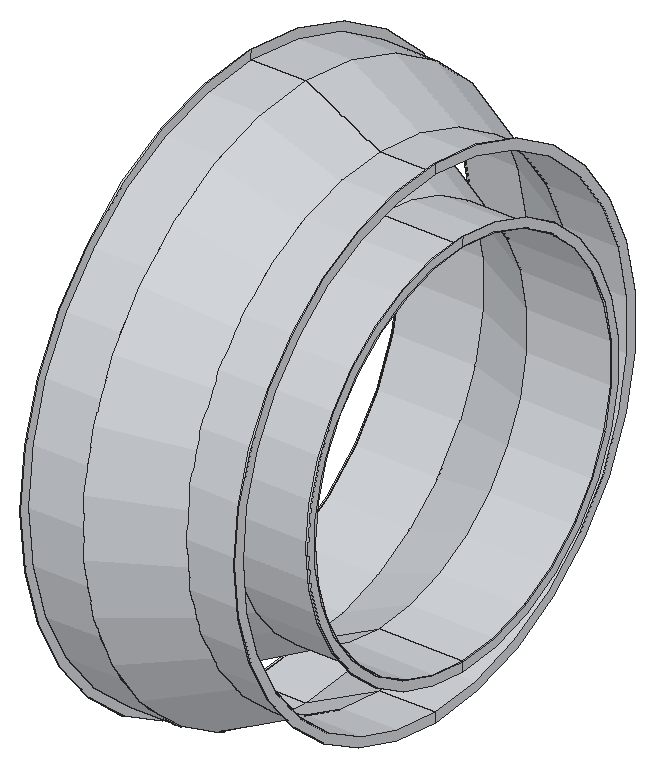
Revit family
Parameters (values of type "DW2024DWRNDADP2ASY-3")
  WALLTHICK = 9/256"  # constant formula
  STEPLENGTH = 4 1/2"  # constant formula
  OFFSET = 1 1/2"  # constant formula
  Model = "DW2024DWRNDADP2ASY-3"
  Manufacturer = "CaptiveAire"
  LENGTH = 13"  # constant formula
  FLANGETHICK = 1/16"
  FLANGERAD2 = DUCTINSIDERAD2 + 1/2"  # 12 1/2"
  FLANGERAD = (FLANGEDIA / 2)  # 10 1/2"
  FLANGEDIA = (DUCTINSIDERAD * 2) + 1"  # 21"
  Description = "20\"-24\" Duct Adaptor Round To Roud Double Wall"
  DWOFFSET = 3"
  DWFLANGERAD2 = FLANGERAD2 + DWOFFSET  # 15 1/2"
  DWFLANGERAD = FLANGERAD + DWOFFSET  # 13 1/2"
  DWDUCTRAD2 = DUCTRAD2 + DWOFFSET  # 15 9/256"
  DWDUCTRAD = DUCTRAD + DWOFFSET  # 13 9/256"
  DWDUCTINSIDERAD2 = DUCTINSIDERAD2 + DWOFFSET  # 15"
  DWDUCTINSIDERAD = DUCTINSIDERAD + DWOFFSET  # 13"
  DUCTRAD = (DUCTDIA / 2)  # 10 9/256"
  DUCTRAD2 = DUCTINSIDERAD2 + WALLTHICK  # 12 9/256"
  DUCTINSIDERAD2 = 12"
  DUCTINSIDERAD = 10"
  DUCTDIA = (DUCTINSIDERAD + WALLTHICK) * 2  # 20 9/128"
  45 = 45.00°  # constant formula
  0 = 0"  # constant formula
  -FLANGETHICK = -FLANGETHICK  # -1/16"
Types (20): name | Model | FLANGERAD2 | FLANGERAD | FLANGEDIA | Description | DWOFFSET | DWFLANGERAD2 | DWFLANGERAD | DWDUCTRAD2 | DWDUCTRAD | DWDUCTINSIDERAD2 | DWDUCTINSIDERAD | DUCTRAD | DUCTRAD2 | DUCTINSIDERAD2 | DUCTINSIDERAD | DUCTDIA
  (no name) | "DW2024DWRNDADP2ASY-3" | 12 1/2" | 10 1/2" | 21" | "20\"-24\" Duct Adaptor Round To Roud Double Wall" | 3" | 15 1/2" | 13 1/2" | 15 9/256" | 13 9/256" | 15" | 13" | 10 9/256" | 12 9/256" | 12" | 10" | 20 9/128"
  DW0812DWRNDADP2ASY-3 | "DW0812DWRNDADP2ASY-3" | 6 1/2" | 4 1/2" | 9" | "8\" - 12\" Duct Adaptor Round To Roud Double Wall" | 3" | 9 1/2" | 7 1/2" | 9 9/256" | 7 9/256" | 9" | 7" | 4 9/256" | 6 9/256" | 6" | 4" | 8 9/128"
  DW1012DWRNDADP2ASY-3 | "DW1012DWRNDADP2ASY-3" | 6 1/2" | 5 1/2" | 11" | "10\"-12\" Duct Adaptor Round To Roud Double Wall" | 3" | 9 1/2" | 8 1/2" | 9 9/256" | 8 9/256" | 9" | 8" | 5 9/256" | 6 9/256" | 6" | 5" | 10 9/128"
  DW1014DWRNDADP2ASY-3 | "DW1014DWRNDADP2ASY-3" | 7 1/2" | 5 1/2" | 11" | "10\"-14\" Duct Adaptor Round To Roud Double Wall" | 3" | 10 1/2" | 8 1/2" | 10 9/256" | 8 9/256" | 10" | 8" | 5 9/256" | 7 9/256" | 7" | 5" | 10 9/128"
  DW1214DWRNDADP2ASY-3 | "DW1214DWRNDADP2ASY-3" | 7 1/2" | 6 1/2" | 13" | "12\"-14\" Duct Adaptor Round To Roud Double Wall" | 3" | 10 1/2" | 9 1/2" | 10 9/256" | 9 9/256" | 10" | 9" | 6 9/256" | 7 9/256" | 7" | 6" | 12 9/128"
  DW1216DWRNDADP2ASY-3 | "DW1216DWRNDADP2ASY-3" | 8 1/2" | 6 1/2" | 13" | "12\"-16\" Duct Adaptor Round To Roud Double Wall" | 3" | 11 1/2" | 9 1/2" | 11 9/256" | 9 9/256" | 11" | 9" | 6 9/256" | 8 9/256" | 8" | 6" | 12 9/128"
  DW1218DWRNDADP2ASY-3 | "DW1218DWRNDADP2ASY-3" | 9 1/2" | 6 1/2" | 13" | "12\"-18\" Duct Adaptor Round To Roud Double Wall" | 3" | 12 1/2" | 9 1/2" | 12 9/256" | 9 9/256" | 12" | 9" | 6 9/256" | 9 9/256" | 9" | 6" | 12 9/128"
  DW1416DWRNDADP2ASY-3 | "DW1416DWRNDADP2ASY-3" | 8 1/2" | 7 1/2" | 15" | "14\"-16\" Duct Adaptor Round To Roud Double Wall" | 3" | 11 1/2" | 10 1/2" | 11 9/256" | 10 9/256" | 11" | 10" | 7 9/256" | 8 9/256" | 8" | 7" | 14 9/128"
  DW1418DWRNDADP2ASY-3 | "DW1418DWRNDADP2ASY-3" | 9 1/2" | 7 1/2" | 15" | "14\"-18\" Duct Adaptor Round To Roud Double Wall" | 3" | 12 1/2" | 10 1/2" | 12 9/256" | 10 9/256" | 12" | 10" | 7 9/256" | 9 9/256" | 9" | 7" | 14 9/128"
  DW1420DWRNDADP2ASY-3 | "DW1420DWRNDADP2ASY-3" | 10 1/2" | 7 1/2" | 15" | "14\"-20\" Duct Adaptor Round To Roud Double Wall" | 3" | 13 1/2" | 10 1/2" | 13 9/256" | 10 9/256" | 13" | 10" | 7 9/256" | 10 9/256" | 10" | 7" | 14 9/128"
  DW1620DWRNDADP2ASY-3 | "DW1620DWRNDADP2ASY-3" | 10 1/2" | 8 1/2" | 17" | "16\"-20\" Duct Adaptor Round To Roud Double Wall" | 3" | 13 1/2" | 11 1/2" | 13 9/256" | 11 9/256" | 13" | 11" | 8 9/256" | 10 9/256" | 10" | 8" | 16 9/128"
  DW1624DWRNDADP2ASY-3 | "DW1624DWRNDADP2ASY-3" | 12 1/2" | 8 1/2" | 17" | "16\"-24\" Duct Adaptor Round To Roud Double Wall" | 3" | 15 1/2" | 11 1/2" | 15 9/256" | 11 9/256" | 15" | 11" | 8 9/256" | 12 9/256" | 12" | 8" | 16 9/128"
  DW1824DWRNDADP2ASY-3 | "DW1824DWRNDADP2ASY-3" | 12 1/2" | 9 1/2" | 19" | "18\"-24\" Duct Adaptor Round To Roud Double Wall" | 3" | 15 1/2" | 12 1/2" | 15 9/256" | 12 9/256" | 15" | 12" | 9 9/256" | 12 9/256" | 12" | 9" | 18 9/128"
  DW2024DWRNDADP2ASY-3 | "DW2024DWRNDADP2ASY-3" | 12 1/2" | 10 1/2" | 21" | "20\"-24\" Duct Adaptor Round To Roud Double Wall" | 3" | 15 1/2" | 13 1/2" | 15 9/256" | 13 9/256" | 15" | 13" | 10 9/256" | 12 9/256" | 12" | 10" | 20 9/128"
  DW0812DWRNDADP2ASY-2 | "DW0812DWRNDADP2ASY-2" | 6 1/2" | 4 1/2" | 9" | "8\" - 12\" Duct Adaptor Round To Roud Double Wall" | 2" | 8 1/2" | 6 1/2" | 8 9/256" | 6 9/256" | 8" | 6" | 4 9/256" | 6 9/256" | 6" | 4" | 8 9/128"
  DW1012DWRNDADP2ASY-2 | "DW1012DWRNDADP2ASY-2" | 6 1/2" | 5 1/2" | 11" | "10\"-12\" Duct Adaptor Round To Roud Double Wall" | 2" | 8 1/2" | 7 1/2" | 8 9/256" | 7 9/256" | 8" | 7" | 5 9/256" | 6 9/256" | 6" | 5" | 10 9/128"
  DW1014DWRNDADP2ASY-2 | "DW1014DWRNDADP2ASY-2" | 7 1/2" | 5 1/2" | 11" | "10\"-14\" Duct Adaptor Round To Roud Double Wall" | 2" | 9 1/2" | 7 1/2" | 9 9/256" | 7 9/256" | 9" | 7" | 5 9/256" | 7 9/256" | 7" | 5" | 10 9/128"
  DW1214DWRNDADP2ASY-2 | "DW1214DWRNDADP2ASY-2" | 7 1/2" | 6 1/2" | 13" | "12\"-14\" Duct Adaptor Round To Roud Double Wall" | 2" | 9 1/2" | 8 1/2" | 9 9/256" | 8 9/256" | 9" | 8" | 6 9/256" | 7 9/256" | 7" | 6" | 12 9/128"
  DW1216DWRNDADP2ASY-2 | "DW1216DWRNDADP2ASY-2" | 8 1/2" | 6 1/2" | 13" | "12\"-16\" Duct Adaptor Round To Roud Double Wall" | 2" | 10 1/2" | 8 1/2" | 10 9/256" | 8 9/256" | 10" | 8" | 6 9/256" | 8 9/256" | 8" | 6" | 12 9/128"
  DW1218DWRNDADP2ASY-2 | "DW1218DWRNDADP2ASY-2" | 9 1/2" | 6 1/2" | 13" | "12\"-18\" Duct Adaptor Round To Roud Double Wall" | 2" | 11 1/2" | 8 1/2" | 11 9/256" | 8 9/256" | 11" | 8" | 6 9/256" | 9 9/256" | 9" | 6" | 12 9/128"
Reference planes (in)
  plane 1 "Center (Front/Back)": y = 0
  plane 2: z = 0.42354
  plane 3 "Center (Left/Right)": x = 0.73724
  plane 4: x = 7.23724
  plane 5: x = 2.73724
  plane 6: x = -5.76276
  plane 7: x = -1.26276
  plane 8: x = -4.26276
  plane 9: x = -4.20026
  plane 10: x = 5.67474
  plane 11: x = 5.73724
Forms (in)
  Revolve 1, solid
    sketch origin (0, 0, 0) x (1, 0, 0) y (0, 0, 1)
      loop
        line (-5.70026, 12.4587) -> (-5.70026, 12.92354) -> (-5.76276, 12.92354) -> (-5.76276, 12.42354) -> (-1.26276, 12.42354) -> (2.73724, 10.42354) -> (7.23724, 10.42354) -> (7.23724, 10.4587) -> (7.23724, 10.92354) -> (7.17474, 10.92354) -> (7.17474, 10.4587) -> (2.73724, 10.4587) -> (-1.26276, 12.4587) -> (-5.70026, 12.4587)
      axis (-5.76276, 0.42354) -> (7.23724, 0.42354)
    angle from 0 to 360
  Revolve 2, solid
    sketch origin (0, 0, 0) x (1, 0, 0) y (0, 0, 1)
      loop
        line (-4.26276, 15.92354) -> (-4.26276, 15.42354) -> (-1.26276, 15.42354) -> (2.73724, 13.42354) -> (5.73724, 13.42354) -> (5.73724, 13.92354) -> (5.67474, 13.92354) -> (5.67474, 13.4587) -> (2.73724, 13.4587) -> (-1.26276, 15.4587) -> (-4.20026, 15.4587) -> (-4.20026, 15.92354) -> (-4.26276, 15.92354)
      axis (-4.26276, 0.42354) -> (5.73724, 0.42354)
    angle from 0 to 360
Dimensions and locks (in)
  equal spacing: plane 4, plane 3 "Center (Left/Right)", plane 6
  "STEPLENGTH": plane 6 to plane 7
  "STEPLENGTH": plane 4 to plane 5
  "LENGTH": plane 6 to plane 4
  "DUCTINSIDERAD": Revolve 1 sketch curve to level
  "DUCTRAD": Revolve 1 sketch curve to level
  "FLANGERAD": Revolve 1 sketch curve to level
  "FLANGETHICK": Revolve 1 sketch curve to plane 4
  "FLANGETHICK": plane 6 to Revolve 1 sketch curve
  "DUCTINSIDERAD2": Revolve 1 sketch curve to level
  "DUCTRAD2": Revolve 1 sketch curve to level
  "FLANGERAD2": Revolve 1 sketch curve to level
  "OFFSET": plane 6 to plane 8
  "OFFSET": plane 4 to plane 11
  "FLANGETHICK": plane 9 to plane 8
  "FLANGETHICK": plane 11 to plane 10
  "DWDUCTINSIDERAD2": Revolve 2 sketch curve to level
  "DWDUCTRAD2": Revolve 2 sketch curve to level
  "DWFLANGERAD2": Revolve 2 sketch curve to level
  "DWDUCTINSIDERAD": Revolve 2 sketch curve to level
  "DWDUCTRAD": Revolve 2 sketch curve to level
  "DWFLANGERAD": Revolve 2 sketch curve to level
  aligned and locked: level to plane 2
  aligned and locked: Revolve 1 sketch curve to plane 6
  aligned and locked: plane 7 to Revolve 1 sketch curve  (x2)
  aligned and locked: plane 5 to Revolve 1 sketch curve  (x2)
  aligned and locked: plane 4 to Revolve 1 sketch curve
  aligned and locked: Revolve 1 sketch curve to level
  aligned and locked: Revolve 2 sketch curve to level
  aligned and locked: Revolve 2 to plane 8
  aligned and locked: Revolve 2 to plane 9
  aligned and locked: plane 7 to Revolve 2  (x2)
  aligned and locked: Revolve 2 to plane 5  (x2)
  aligned and locked: Revolve 2 to plane 11
  aligned and locked: Revolve 2 to plane 10
Automatic sketch dimensions
  plane 6 to Revolve 1 sketch curve = 4"
  plane 4 to Revolve 1 sketch curve = 4 1/2"
  Revolve 1 sketch curve to Revolve 1 sketch curve = 0"
  plane 7 to Revolve 2 sketch curve = 0"  (x2)
  Revolve 2 sketch curve to plane 5 = 0"  (x2)
  Revolve 2 sketch curve to plane 6 = 1 9/16"
  Revolve 2 sketch curve to plane 6 = 1 3/4"
  Revolve 2 sketch curve to Revolve 2 sketch curve = 1/16"  (x2)
  plane 5 to Revolve 2 sketch curve = 2"
  Revolve 2 sketch curve to plane 4 = 1 9/16"
